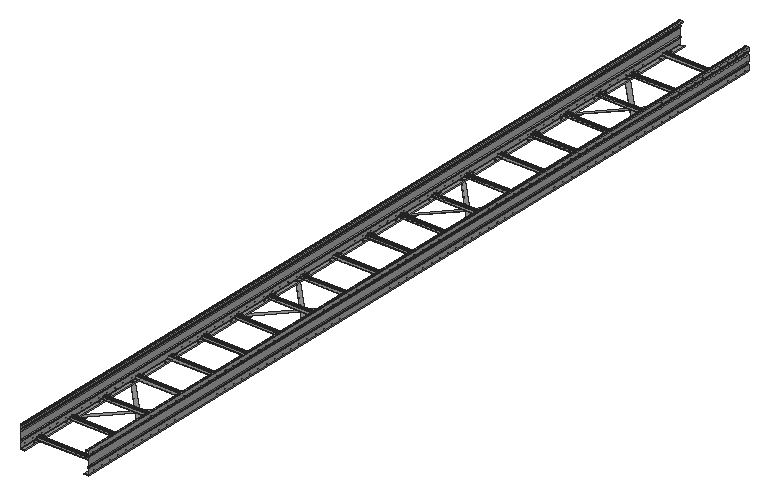
Revit family "Weitspannkabelleiter-WKLG 1650gelochter Seitenholm, FS,FT,FT SO,A4", category Generic Models, Revit 2017 (continued)
Forms (mm)
  Extrusion 261, void
    sketch origin (0, 1425, -120) x (0, 1, 0) y (0, 0, 1)
      loop
        arc (50, 143.999) -> (49.854, 144.352) -> (49.5, 144.499) r 0.5
        line (49.5, 144.499) -> (25.5, 144.499)
    from 248 to 250
  Extrusion 262, void
    sketch origin (0, 1500, -120) x (0, 1, 0) y (0, 0, 1)
      loop
        arc (25.5, 144.499) -> (25.146, 144.352) -> (25, 143.999) r 0.5
        line (25, 143.999) -> (25, 135.999)
        arc (25, 135.999) -> (25.146, 135.645) -> (25.5, 135.499) r 0.5
        line (25.5, 135.499) -> (49.5, 135.499)
        arc (49.5, 135.499) -> (49.854, 135.645) -> (50, 135.999) r 0.5
        line (50, 135.999) -> (50, 143.999)
        arc (50, 143.999) -> (49.854, 144.352) -> (49.5, 144.499) r 0.5
        line (49.5, 144.499) -> (25.5, 144.499)
    from 248 to 250
  Extrusion 263, void
    sketch origin (0, 1575, -120) x (0, 1, 0) y (0, 0, 1)
      loop
        arc (25.5, 144.499) -> (25.146, 144.352) -> (25, 143.999) r 0.5
        line (25, 143.999) -> (25, 135.999)
        arc (25, 135.999) -> (25.146, 135.645) -> (25.5, 135.499) r 0.5
        line (25.5, 135.499) -> (49.5, 135.499)
        arc (49.5, 135.499) -> (49.854, 135.645) -> (50, 135.999) r 0.5
        line (50, 135.999) -> (50, 143.999)
        arc (50, 143.999) -> (49.854, 144.352) -> (49.5, 144.499) r 0.5
        line (49.5, 144.499) -> (25.5, 144.499)
    from 248 to 250
  Extrusion 264, void
    sketch origin (0, 1650, -120) x (0, 1, 0) y (0, 0, 1)
      loop
        arc (25.5, 144.499) -> (25.146, 144.352) -> (25, 143.999) r 0.5
        line (25, 143.999) -> (25, 135.999)
        arc (25, 135.999) -> (25.146, 135.645) -> (25.5, 135.499) r 0.5
        line (25.5, 135.499) -> (49.5, 135.499)
        arc (49.5, 135.499) -> (49.854, 135.645) -> (50, 135.999) r 0.5
        line (50, 135.999) -> (50, 143.999)
        arc (50, 143.999) -> (49.854, 144.352) -> (49.5, 144.499) r 0.5
        line (49.5, 144.499) -> (25.5, 144.499)
    from 248 to 250
  Extrusion 265, void
    sketch origin (0, 1725, -120) x (0, 1, 0) y (0, 0, 1)
      loop
        arc (25.5, 144.499) -> (25.146, 144.352) -> (25, 143.999) r 0.5
        line (25, 143.999) -> (25, 135.999)
        arc (25, 135.999) -> (25.146, 135.645) -> (25.5, 135.499) r 0.5
        line (25.5, 135.499) -> (49.5, 135.499)
        arc (49.5, 135.499) -> (49.854, 135.645) -> (50, 135.999) r 0.5
        line (50, 135.999) -> (50, 143.999)
        arc (50, 143.999) -> (49.854, 144.352) -> (49.5, 144.499) r 0.5
        line (49.5, 144.499) -> (25.5, 144.499)
    from 248 to 250
  Extrusion 266, void
    sketch origin (0, 1800, -120) x (0, 1, 0) y (0, 0, 1)
      loop
        arc (25.5, 144.499) -> (25.146, 144.352) -> (25, 143.999) r 0.5
        line (25, 143.999) -> (25, 135.999)
        arc (25, 135.999) -> (25.146, 135.645) -> (25.5, 135.499) r 0.5
        line (25.5, 135.499) -> (49.5, 135.499)
        arc (49.5, 135.499) -> (49.854, 135.645) -> (50, 135.999) r 0.5
        line (50, 135.999) -> (50, 143.999)
        arc (50, 143.999) -> (49.854, 144.352) -> (49.5, 144.499) r 0.5
        line (49.5, 144.499) -> (25.5, 144.499)
    from 248 to 250
  Extrusion 267, void
    sketch origin (0, 1875, -120) x (0, 1, 0) y (0, 0, 1)
      loop
        arc (25.5, 144.499) -> (25.146, 144.352) -> (25, 143.999) r 0.5
        line (25, 143.999) -> (25, 135.999)
        arc (25, 135.999) -> (25.146, 135.645) -> (25.5, 135.499) r 0.5
        line (25.5, 135.499) -> (49.5, 135.499)
        arc (49.5, 135.499) -> (49.854, 135.645) -> (50, 135.999) r 0.5
        line (50, 135.999) -> (50, 143.999)
        arc (50, 143.999) -> (49.854, 144.352) -> (49.5, 144.499) r 0.5
        line (49.5, 144.499) -> (25.5, 144.499)
    from 248 to 250
  Extrusion 268, void
    sketch origin (0, 1950, -120) x (0, 1, 0) y (0, 0, 1)
      loop
        arc (25.5, 144.499) -> (25.146, 144.352) -> (25, 143.999) r 0.5
        line (25, 143.999) -> (25, 135.999)
        arc (25, 135.999) -> (25.146, 135.645) -> (25.5, 135.499) r 0.5
        line (25.5, 135.499) -> (49.5, 135.499)
        arc (49.5, 135.499) -> (49.854, 135.645) -> (50, 135.999) r 0.5
        line (50, 135.999) -> (50, 143.999)
        arc (50, 143.999) -> (49.854, 144.352) -> (49.5, 144.499) r 0.5
        line (49.5, 144.499) -> (25.5, 144.499)
    from 248 to 250
  Extrusion 269, void
    sketch origin (0, 2025, -120) x (0, 1, 0) y (0, 0, 1)
      loop
        arc (25.5, 144.499) -> (25.146, 144.352) -> (25, 143.999) r 0.5
        line (25, 143.999) -> (25, 135.999)
        arc (25, 135.999) -> (25.146, 135.645) -> (25.5, 135.499) r 0.5
        line (25.5, 135.499) -> (49.5, 135.499)
        arc (49.5, 135.499) -> (49.854, 135.645) -> (50, 135.999) r 0.5
        line (50, 135.999) -> (50, 143.999)
        arc (50, 143.999) -> (49.854, 144.352) -> (49.5, 144.499) r 0.5
        line (49.5, 144.499) -> (25.5, 144.499)
    from 248 to 250
  Extrusion 270, void
    sketch origin (0, 2100, -120) x (0, 1, 0) y (0, 0, 1)
      loop
        arc (25.5, 144.499) -> (25.146, 144.352) -> (25, 143.999) r 0.5
        line (25, 143.999) -> (25, 135.999)
        arc (25, 135.999) -> (25.146, 135.645) -> (25.5, 135.499) r 0.5
        line (25.5, 135.499) -> (49.5, 135.499)
        arc (49.5, 135.499) -> (49.854, 135.645) -> (50, 135.999) r 0.5
        line (50, 135.999) -> (50, 143.999)
        arc (50, 143.999) -> (49.854, 144.352) -> (49.5, 144.499) r 0.5
        line (49.5, 144.499) -> (25.5, 144.499)
    from 248 to 250
  Extrusion 271, void
    sketch origin (0, 2175, -120) x (0, 1, 0) y (0, 0, 1)
      loop
        arc (25.5, 144.499) -> (25.146, 144.352) -> (25, 143.999) r 0.5
        line (25, 143.999) -> (25, 135.999)
        arc (25, 135.999) -> (25.146, 135.645) -> (25.5, 135.499) r 0.5
        line (25.5, 135.499) -> (49.5, 135.499)
        arc (49.5, 135.499) -> (49.854, 135.645) -> (50, 135.999) r 0.5
        line (50, 135.999) -> (50, 143.999)
        arc (50, 143.999) -> (49.854, 144.352) -> (49.5, 144.499) r 0.5
        line (49.5, 144.499) -> (25.5, 144.499)
    from 248 to 250
  Extrusion 272, void
    sketch origin (0, 2250, -120) x (0, 1, 0) y (0, 0, 1)
      loop
        arc (25.5, 144.499) -> (25.146, 144.352) -> (25, 143.999) r 0.5
        line (25, 143.999) -> (25, 135.999)
        arc (25, 135.999) -> (25.146, 135.645) -> (25.5, 135.499) r 0.5
        line (25.5, 135.499) -> (49.5, 135.499)
        arc (49.5, 135.499) -> (49.854, 135.645) -> (50, 135.999) r 0.5
        line (50, 135.999) -> (50, 143.999)
        arc (50, 143.999) -> (49.854, 144.352) -> (49.5, 144.499) r 0.5
        line (49.5, 144.499) -> (25.5, 144.499)
    from 248 to 250
  Extrusion 273, void
    sketch origin (0, 2325, -120) x (0, 1, 0) y (0, 0, 1)
      loop
        arc (25.5, 144.499) -> (25.146, 144.352) -> (25, 143.999) r 0.5
        line (25, 143.999) -> (25, 135.999)
        arc (25, 135.999) -> (25.146, 135.645) -> (25.5, 135.499) r 0.5
        line (25.5, 135.499) -> (49.5, 135.499)
        arc (49.5, 135.499) -> (49.854, 135.645) -> (50, 135.999) r 0.5
        line (50, 135.999) -> (50, 143.999)
        arc (50, 143.999) -> (49.854, 144.352) -> (49.5, 144.499) r 0.5
        line (49.5, 144.499) -> (25.5, 144.499)
    from 248 to 250
  Extrusion 274, void
    sketch origin (0, 2400, -120) x (0, 1, 0) y (0, 0, 1)
      loop
        arc (25.5, 144.499) -> (25.146, 144.352) -> (25, 143.999) r 0.5
        line (25, 143.999) -> (25, 135.999)
        arc (25, 135.999) -> (25.146, 135.645) -> (25.5, 135.499) r 0.5
        line (25.5, 135.499) -> (49.5, 135.499)
        arc (49.5, 135.499) -> (49.854, 135.645) -> (50, 135.999) r 0.5
        line (50, 135.999) -> (50, 143.999)
        arc (50, 143.999) -> (49.854, 144.352) -> (49.5, 144.499) r 0.5
        line (49.5, 144.499) -> (25.5, 144.499)
    from 248 to 250
  Extrusion 275, void
    sketch origin (0, 2475, -120) x (0, 1, 0) y (0, 0, 1)
      loop
        arc (25.5, 144.499) -> (25.146, 144.352) -> (25, 143.999) r 0.5
        line (25, 143.999) -> (25, 135.999)
        arc (25, 135.999) -> (25.146, 135.645) -> (25.5, 135.499) r 0.5
        line (25.5, 135.499) -> (49.5, 135.499)
        arc (49.5, 135.499) -> (49.854, 135.645) -> (50, 135.999) r 0.5
        line (50, 135.999) -> (50, 143.999)
        arc (50, 143.999) -> (49.854, 144.352) -> (49.5, 144.499) r 0.5
        line (49.5, 144.499) -> (25.5, 144.499)
    from 248 to 250
  Extrusion 276, void
    sketch origin (0, 2550, -120) x (0, 1, 0) y (0, 0, 1)
      loop
        arc (25.5, 144.499) -> (25.146, 144.352) -> (25, 143.999) r 0.5
        line (25, 143.999) -> (25, 135.999)
        arc (25, 135.999) -> (25.146, 135.645) -> (25.5, 135.499) r 0.5
        line (25.5, 135.499) -> (49.5, 135.499)
        arc (49.5, 135.499) -> (49.854, 135.645) -> (50, 135.999) r 0.5
        line (50, 135.999) -> (50, 143.999)
        arc (50, 143.999) -> (49.854, 144.352) -> (49.5, 144.499) r 0.5
        line (49.5, 144.499) -> (25.5, 144.499)
    from 248 to 250
  Extrusion 277, void
    sketch origin (0, 2625, -120) x (0, 1, 0) y (0, 0, 1)
      loop
        arc (25.5, 144.499) -> (25.146, 144.352) -> (25, 143.999) r 0.5
        line (25, 143.999) -> (25, 135.999)
        arc (25, 135.999) -> (25.146, 135.645) -> (25.5, 135.499) r 0.5
        line (25.5, 135.499) -> (49.5, 135.499)
        arc (49.5, 135.499) -> (49.854, 135.645) -> (50, 135.999) r 0.5
        line (50, 135.999) -> (50, 143.999)
        arc (50, 143.999) -> (49.854, 144.352) -> (49.5, 144.499) r 0.5
        line (49.5, 144.499) -> (25.5, 144.499)
    from 248 to 250
  Extrusion 278, void
    sketch origin (0, 2700, -120) x (0, 1, 0) y (0, 0, 1)
      loop
        arc (25.5, 144.499) -> (25.146, 144.352) -> (25, 143.999) r 0.5
        line (25, 143.999) -> (25, 135.999)
        arc (25, 135.999) -> (25.146, 135.645) -> (25.5, 135.499) r 0.5
        line (25.5, 135.499) -> (49.5, 135.499)
        arc (49.5, 135.499) -> (49.854, 135.645) -> (50, 135.999) r 0.5
        line (50, 135.999) -> (50, 143.999)
        arc (50, 143.999) -> (49.854, 144.352) -> (49.5, 144.499) r 0.5
        line (49.5, 144.499) -> (25.5, 144.499)
    from 248 to 250
  Extrusion 279, void
    sketch origin (0, 2775, -120) x (0, 1, 0) y (0, 0, 1)
      loop
        arc (25.5, 144.499) -> (25.146, 144.352) -> (25, 143.999) r 0.5
        line (25, 143.999) -> (25, 135.999)
        arc (25, 135.999) -> (25.146, 135.645) -> (25.5, 135.499) r 0.5
        line (25.5, 135.499) -> (49.5, 135.499)
        arc (49.5, 135.499) -> (49.854, 135.645) -> (50, 135.999) r 0.5
        line (50, 135.999) -> (50, 143.999)
        arc (50, 143.999) -> (49.854, 144.352) -> (49.5, 144.499) r 0.5
        line (49.5, 144.499) -> (25.5, 144.499)
    from 248 to 250
  Extrusion 280, void
    sketch origin (0, 2850, -120) x (0, 1, 0) y (0, 0, 1)
      loop
        arc (25.5, 144.499) -> (25.146, 144.352) -> (25, 143.999) r 0.5
        line (25, 143.999) -> (25, 135.999)
        arc (25, 135.999) -> (25.146, 135.645) -> (25.5, 135.499) r 0.5
        line (25.5, 135.499) -> (49.5, 135.499)
        arc (49.5, 135.499) -> (49.854, 135.645) -> (50, 135.999) r 0.5
        line (50, 135.999) -> (50, 143.999)
        arc (50, 143.999) -> (49.854, 144.352) -> (49.5, 144.499) r 0.5
        line (49.5, 144.499) -> (25.5, 144.499)
    from 248 to 250
  Extrusion 281, void
    sketch origin (0, 2925, -120) x (0, 1, 0) y (0, 0, 1)
      loop
        arc (25.5, 144.499) -> (25.146, 144.352) -> (25, 143.999) r 0.5
        line (25, 143.999) -> (25, 135.999)
        arc (25, 135.999) -> (25.146, 135.645) -> (25.5, 135.499) r 0.5
        line (25.5, 135.499) -> (49.5, 135.499)
        arc (49.5, 135.499) -> (49.854, 135.645) -> (50, 135.999) r 0.5
        line (50, 135.999) -> (50, 143.999)
        arc (50, 143.999) -> (49.854, 144.352) -> (49.5, 144.499) r 0.5
        line (49.5, 144.499) -> (25.5, 144.499)
    from 248 to 250
  Extrusion 282, void
    sketch origin (0, 3000, -120) x (0, 1, 0) y (0, 0, 1)
      loop
        arc (25.5, 144.499) -> (25.146, 144.352) -> (25, 143.999) r 0.5
        line (25, 143.999) -> (25, 135.999)
        arc (25, 135.999) -> (25.146, 135.645) -> (25.5, 135.499) r 0.5
        line (25.5, 135.499) -> (49.5, 135.499)
        arc (49.5, 135.499) -> (49.854, 135.645) -> (50, 135.999) r 0.5
        line (50, 135.999) -> (50, 143.999)
        arc (50, 143.999) -> (49.854, 144.352) -> (49.5, 144.499) r 0.5
        line (49.5, 144.499) -> (25.5, 144.499)
    from 248 to 250
  Extrusion 283, void
    sketch origin (0, 3075, -120) x (0, 1, 0) y (0, 0, 1)
      loop
        arc (25.5, 144.499) -> (25.146, 144.352) -> (25, 143.999) r 0.5
        line (25, 143.999) -> (25, 135.999)
        arc (25, 135.999) -> (25.146, 135.645) -> (25.5, 135.499) r 0.5
        line (25.5, 135.499) -> (49.5, 135.499)
        arc (49.5, 135.499) -> (49.854, 135.645) -> (50, 135.999) r 0.5
        line (50, 135.999) -> (50, 143.999)
        arc (50, 143.999) -> (49.854, 144.352) -> (49.5, 144.499) r 0.5
        line (49.5, 144.499) -> (25.5, 144.499)
    from 248 to 250
  Extrusion 284, void
    sketch origin (0, 3150, -120) x (0, 1, 0) y (0, 0, 1)
      loop
        arc (25.5, 144.499) -> (25.146, 144.352) -> (25, 143.999) r 0.5
        line (25, 143.999) -> (25, 135.999)
        arc (25, 135.999) -> (25.146, 135.645) -> (25.5, 135.499) r 0.5
        line (25.5, 135.499) -> (49.5, 135.499)
        arc (49.5, 135.499) -> (49.854, 135.645) -> (50, 135.999) r 0.5
        line (50, 135.999) -> (50, 143.999)
        arc (50, 143.999) -> (49.854, 144.352) -> (49.5, 144.499) r 0.5
        line (49.5, 144.499) -> (25.5, 144.499)
    from 248 to 250
  Extrusion 285, void
    sketch origin (0, 3225, -120) x (0, 1, 0) y (0, 0, 1)
      loop
        arc (25.5, 144.499) -> (25.146, 144.352) -> (25, 143.999) r 0.5
        line (25, 143.999) -> (25, 135.999)
        arc (25, 135.999) -> (25.146, 135.645) -> (25.5, 135.499) r 0.5
        line (25.5, 135.499) -> (49.5, 135.499)
        arc (49.5, 135.499) -> (49.854, 135.645) -> (50, 135.999) r 0.5
        line (50, 135.999) -> (50, 143.999)
        arc (50, 143.999) -> (49.854, 144.352) -> (49.5, 144.499) r 0.5
        line (49.5, 144.499) -> (25.5, 144.499)
    from 248 to 250
  Extrusion 286, void
    sketch origin (0, 3300, -120) x (0, 1, 0) y (0, 0, 1)
      loop
        arc (25.5, 144.499) -> (25.146, 144.352) -> (25, 143.999) r 0.5
        line (25, 143.999) -> (25, 135.999)
        arc (25, 135.999) -> (25.146, 135.645) -> (25.5, 135.499) r 0.5
        line (25.5, 135.499) -> (49.5, 135.499)
        arc (49.5, 135.499) -> (49.854, 135.645) -> (50, 135.999) r 0.5
        line (50, 135.999) -> (50, 143.999)
        arc (50, 143.999) -> (49.854, 144.352) -> (49.5, 144.499) r 0.5
        line (49.5, 144.499) -> (25.5, 144.499)
    from 248 to 250
  Extrusion 287, void
    sketch origin (0, 3375, -120) x (0, 1, 0) y (0, 0, 1)
      loop
        arc (25.5, 144.499) -> (25.146, 144.352) -> (25, 143.999) r 0.5
        line (25, 143.999) -> (25, 135.999)
        arc (25, 135.999) -> (25.146, 135.645) -> (25.5, 135.499) r 0.5
        line (25.5, 135.499) -> (49.5, 135.499)
        arc (49.5, 135.499) -> (49.854, 135.645) -> (50, 135.999) r 0.5
        line (50, 135.999) -> (50, 143.999)
        arc (50, 143.999) -> (49.854, 144.352) -> (49.5, 144.499) r 0.5
        line (49.5, 144.499) -> (25.5, 144.499)
    from 248 to 250
  Extrusion 288, void
    sketch origin (0, 3450, -120) x (0, 1, 0) y (0, 0, 1)
      loop
        arc (25.5, 144.499) -> (25.146, 144.352) -> (25, 143.999) r 0.5
        line (25, 143.999) -> (25, 135.999)
        arc (25, 135.999) -> (25.146, 135.645) -> (25.5, 135.499) r 0.5
        line (25.5, 135.499) -> (49.5, 135.499)
        arc (49.5, 135.499) -> (49.854, 135.645) -> (50, 135.999) r 0.5
        line (50, 135.999) -> (50, 143.999)
        arc (50, 143.999) -> (49.854, 144.352) -> (49.5, 144.499) r 0.5
        line (49.5, 144.499) -> (25.5, 144.499)
    from 248 to 250
  Extrusion 289, void
    sketch origin (0, 3525, -120) x (0, 1, 0) y (0, 0, 1)
      loop
        arc (25.5, 144.499) -> (25.146, 144.352) -> (25, 143.999) r 0.5
        line (25, 143.999) -> (25, 135.999)
        arc (25, 135.999) -> (25.146, 135.645) -> (25.5, 135.499) r 0.5
        line (25.5, 135.499) -> (49.5, 135.499)
        arc (49.5, 135.499) -> (49.854, 135.645) -> (50, 135.999) r 0.5
        line (50, 135.999) -> (50, 143.999)
        arc (50, 143.999) -> (49.854, 144.352) -> (49.5, 144.499) r 0.5
        line (49.5, 144.499) -> (25.5, 144.499)
    from 248 to 250
  Extrusion 290, void
    sketch origin (0, 3600, -120) x (0, 1, 0) y (0, 0, 1)
      loop
        arc (25.5, 144.499) -> (25.146, 144.352) -> (25, 143.999) r 0.5
        line (25, 143.999) -> (25, 135.999)
        arc (25, 135.999) -> (25.146, 135.645) -> (25.5, 135.499) r 0.5
        line (25.5, 135.499) -> (49.5, 135.499)
        arc (49.5, 135.499) -> (49.854, 135.645) -> (50, 135.999) r 0.5
        line (50, 135.999) -> (50, 143.999)
        arc (50, 143.999) -> (49.854, 144.352) -> (49.5, 144.499) r 0.5
        line (49.5, 144.499) -> (25.5, 144.499)
    from 248 to 250
  Extrusion 291, void
    sketch origin (0, 3675, -120) x (0, 1, 0) y (0, 0, 1)
      loop
        arc (25.5, 144.499) -> (25.146, 144.352) -> (25, 143.999) r 0.5
        line (25, 143.999) -> (25, 135.999)
        arc (25, 135.999) -> (25.146, 135.645) -> (25.5, 135.499) r 0.5
        line (25.5, 135.499) -> (49.5, 135.499)
        arc (49.5, 135.499) -> (49.854, 135.645) -> (50, 135.999) r 0.5
        line (50, 135.999) -> (50, 143.999)
        arc (50, 143.999) -> (49.854, 144.352) -> (49.5, 144.499) r 0.5
        line (49.5, 144.499) -> (25.5, 144.499)
    from 248 to 250
  Extrusion 292, void
    sketch origin (0, 3750, -120) x (0, 1, 0) y (0, 0, 1)
      loop
        arc (25.5, 144.499) -> (25.146, 144.352) -> (25, 143.999) r 0.5
        line (25, 143.999) -> (25, 135.999)
        arc (25, 135.999) -> (25.146, 135.645) -> (25.5, 135.499) r 0.5
        line (25.5, 135.499) -> (49.5, 135.499)
        arc (49.5, 135.499) -> (49.854, 135.645) -> (50, 135.999) r 0.5
        line (50, 135.999) -> (50, 143.999)
        arc (50, 143.999) -> (49.854, 144.352) -> (49.5, 144.499) r 0.5
        line (49.5, 144.499) -> (25.5, 144.499)
    from 248 to 250
  Extrusion 293, void
    sketch origin (0, 3825, -120) x (0, 1, 0) y (0, 0, 1)
      loop
        arc (25.5, 144.499) -> (25.146, 144.352) -> (25, 143.999) r 0.5
        line (25, 143.999) -> (25, 135.999)
        arc (25, 135.999) -> (25.146, 135.645) -> (25.5, 135.499) r 0.5
        line (25.5, 135.499) -> (49.5, 135.499)
        arc (49.5, 135.499) -> (49.854, 135.645) -> (50, 135.999) r 0.5
        line (50, 135.999) -> (50, 143.999)
        arc (50, 143.999) -> (49.854, 144.352) -> (49.5, 144.499) r 0.5
        line (49.5, 144.499) -> (25.5, 144.499)
    from 248 to 250
  Extrusion 294, void
    sketch origin (0, 3900, -120) x (0, 1, 0) y (0, 0, 1)
      loop
        arc (25.5, 144.499) -> (25.146, 144.352) -> (25, 143.999) r 0.5
        line (25, 143.999) -> (25, 135.999)
        arc (25, 135.999) -> (25.146, 135.645) -> (25.5, 135.499) r 0.5
        line (25.5, 135.499) -> (49.5, 135.499)
        arc (49.5, 135.499) -> (49.854, 135.645) -> (50, 135.999) r 0.5
        line (50, 135.999) -> (50, 143.999)
        arc (50, 143.999) -> (49.854, 144.352) -> (49.5, 144.499) r 0.5
        line (49.5, 144.499) -> (25.5, 144.499)
    from 248 to 250
  Extrusion 295, void
    sketch origin (0, 3975, -120) x (0, 1, 0) y (0, 0, 1)
      loop
        arc (25.5, 144.499) -> (25.146, 144.352) -> (25, 143.999) r 0.5
        line (25, 143.999) -> (25, 135.999)
        arc (25, 135.999) -> (25.146, 135.645) -> (25.5, 135.499) r 0.5
        line (25.5, 135.499) -> (49.5, 135.499)
        arc (49.5, 135.499) -> (49.854, 135.645) -> (50, 135.999) r 0.5
        line (50, 135.999) -> (50, 143.999)
        arc (50, 143.999) -> (49.854, 144.352) -> (49.5, 144.499) r 0.5
        line (49.5, 144.499) -> (25.5, 144.499)
    from 248 to 250
  Extrusion 296, void
    sketch origin (0, 4050, -120) x (0, 1, 0) y (0, 0, 1)
      loop
        arc (25.5, 144.499) -> (25.146, 144.352) -> (25, 143.999) r 0.5
        line (25, 143.999) -> (25, 135.999)
        arc (25, 135.999) -> (25.146, 135.645) -> (25.5, 135.499) r 0.5
        line (25.5, 135.499) -> (49.5, 135.499)
        arc (49.5, 135.499) -> (49.854, 135.645) -> (50, 135.999) r 0.5
        line (50, 135.999) -> (50, 143.999)
        arc (50, 143.999) -> (49.854, 144.352) -> (49.5, 144.499) r 0.5
        line (49.5, 144.499) -> (25.5, 144.499)
    from 248 to 250
  Extrusion 297, void
    sketch origin (0, 4125, -120) x (0, 1, 0) y (0, 0, 1)
      loop
        arc (25.5, 144.499) -> (25.146, 144.352) -> (25, 143.999) r 0.5
        line (25, 143.999) -> (25, 135.999)
        arc (25, 135.999) -> (25.146, 135.645) -> (25.5, 135.499) r 0.5
        line (25.5, 135.499) -> (49.5, 135.499)
        arc (49.5, 135.499) -> (49.854, 135.645) -> (50, 135.999) r 0.5
        line (50, 135.999) -> (50, 143.999)
        arc (50, 143.999) -> (49.854, 144.352) -> (49.5, 144.499) r 0.5
        line (49.5, 144.499) -> (25.5, 144.499)
    from 248 to 250
  Extrusion 298, void
    sketch origin (0, 4200, -120) x (0, 1, 0) y (0, 0, 1)
      loop
        arc (25.5, 144.499) -> (25.146, 144.352) -> (25, 143.999) r 0.5
        line (25, 143.999) -> (25, 135.999)
        arc (25, 135.999) -> (25.146, 135.645) -> (25.5, 135.499) r 0.5
        line (25.5, 135.499) -> (49.5, 135.499)
        arc (49.5, 135.499) -> (49.854, 135.645) -> (50, 135.999) r 0.5
        line (50, 135.999) -> (50, 143.999)
        arc (50, 143.999) -> (49.854, 144.352) -> (49.5, 144.499) r 0.5
        line (49.5, 144.499) -> (25.5, 144.499)
    from 248 to 250
  Extrusion 299, void
    sketch origin (0, 4275, -120) x (0, 1, 0) y (0, 0, 1)
      loop
        arc (25.5, 144.499) -> (25.146, 144.352) -> (25, 143.999) r 0.5
        line (25, 143.999) -> (25, 135.999)
        arc (25, 135.999) -> (25.146, 135.645) -> (25.5, 135.499) r 0.5
        line (25.5, 135.499) -> (49.5, 135.499)
        arc (49.5, 135.499) -> (49.854, 135.645) -> (50, 135.999) r 0.5
        line (50, 135.999) -> (50, 143.999)
        arc (50, 143.999) -> (49.854, 144.352) -> (49.5, 144.499) r 0.5
        line (49.5, 144.499) -> (25.5, 144.499)
    from 248 to 250
  Extrusion 300, void
    sketch origin (0, 4350, -120) x (0, 1, 0) y (0, 0, 1)
      loop
        arc (25.5, 144.499) -> (25.146, 144.352) -> (25, 143.999) r 0.5
        line (25, 143.999) -> (25, 135.999)
        arc (25, 135.999) -> (25.146, 135.645) -> (25.5, 135.499) r 0.5
        line (25.5, 135.499) -> (49.5, 135.499)
        arc (49.5, 135.499) -> (49.854, 135.645) -> (50, 135.999) r 0.5
        line (50, 135.999) -> (50, 143.999)
        arc (50, 143.999) -> (49.854, 144.352) -> (49.5, 144.499) r 0.5
        line (49.5, 144.499) -> (25.5, 144.499)
    from 248 to 250
  Extrusion 301, void
    sketch origin (0, 4425, -120) x (0, 1, 0) y (0, 0, 1)
      loop
        arc (25.5, 144.499) -> (25.146, 144.352) -> (25, 143.999) r 0.5
        line (25, 143.999) -> (25, 135.999)
        arc (25, 135.999) -> (25.146, 135.645) -> (25.5, 135.499) r 0.5
        line (25.5, 135.499) -> (49.5, 135.499)
        arc (49.5, 135.499) -> (49.854, 135.645) -> (50, 135.999) r 0.5
        line (50, 135.999) -> (50, 143.999)
        arc (50, 143.999) -> (49.854, 144.352) -> (49.5, 144.499) r 0.5
        line (49.5, 144.499) -> (25.5, 144.499)
    from 248 to 250
  Extrusion 302, void
    sketch origin (0, 4500, -120) x (0, 1, 0) y (0, 0, 1)
      loop
        arc (25.5, 144.499) -> (25.146, 144.352) -> (25, 143.999) r 0.5
        line (25, 143.999) -> (25, 135.999)
        arc (25, 135.999) -> (25.146, 135.645) -> (25.5, 135.499) r 0.5
        line (25.5, 135.499) -> (49.5, 135.499)
        arc (49.5, 135.499) -> (49.854, 135.645) -> (50, 135.999) r 0.5
        line (50, 135.999) -> (50, 143.999)
        arc (50, 143.999) -> (49.854, 144.352) -> (49.5, 144.499) r 0.5
        line (49.5, 144.499) -> (25.5, 144.499)
    from 248 to 250
  Extrusion 303, void
    sketch origin (0, 4575, -120) x (0, 1, 0) y (0, 0, 1)
      loop
        arc (25.5, 144.499) -> (25.146, 144.352) -> (25, 143.999) r 0.5
        line (25, 143.999) -> (25, 135.999)
        arc (25, 135.999) -> (25.146, 135.645) -> (25.5, 135.499) r 0.5
        line (25.5, 135.499) -> (49.5, 135.499)
        arc (49.5, 135.499) -> (49.854, 135.645) -> (50, 135.999) r 0.5
        line (50, 135.999) -> (50, 143.999)
        arc (50, 143.999) -> (49.854, 144.352) -> (49.5, 144.499) r 0.5
        line (49.5, 144.499) -> (25.5, 144.499)
    from 248 to 250
  Extrusion 304, void
    sketch origin (0, 4650, -120) x (0, 1, 0) y (0, 0, 1)
      loop
        arc (25.5, 144.499) -> (25.146, 144.352) -> (25, 143.999) r 0.5
        line (25, 143.999) -> (25, 135.999)
        arc (25, 135.999) -> (25.146, 135.645) -> (25.5, 135.499) r 0.5
        line (25.5, 135.499) -> (49.5, 135.499)
        arc (49.5, 135.499) -> (49.854, 135.645) -> (50, 135.999) r 0.5
        line (50, 135.999) -> (50, 143.999)
        arc (50, 143.999) -> (49.854, 144.352) -> (49.5, 144.499) r 0.5
        line (49.5, 144.499) -> (25.5, 144.499)
    from 248 to 250
  Extrusion 305, void
    sketch origin (0, 4725, -120) x (0, 1, 0) y (0, 0, 1)
      loop
        arc (25.5, 144.499) -> (25.146, 144.352) -> (25, 143.999) r 0.5
        line (25, 143.999) -> (25, 135.999)
        arc (25, 135.999) -> (25.146, 135.645) -> (25.5, 135.499) r 0.5
        line (25.5, 135.499) -> (49.5, 135.499)
        arc (49.5, 135.499) -> (49.854, 135.645) -> (50, 135.999) r 0.5
        line (50, 135.999) -> (50, 143.999)
        arc (50, 143.999) -> (49.854, 144.352) -> (49.5, 144.499) r 0.5
        line (49.5, 144.499) -> (25.5, 144.499)
    from 248 to 250
  Extrusion 306, void
    sketch origin (0, 4800, -120) x (0, 1, 0) y (0, 0, 1)
      loop
        arc (25.5, 144.499) -> (25.146, 144.352) -> (25, 143.999) r 0.5
        line (25, 143.999) -> (25, 135.999)
        arc (25, 135.999) -> (25.146, 135.645) -> (25.5, 135.499) r 0.5
        line (25.5, 135.499) -> (49.5, 135.499)
        arc (49.5, 135.499) -> (49.854, 135.645) -> (50, 135.999) r 0.5
        line (50, 135.999) -> (50, 143.999)
        arc (50, 143.999) -> (49.854, 144.352) -> (49.5, 144.499) r 0.5
        line (49.5, 144.499) -> (25.5, 144.499)
    from 248 to 250
  Extrusion 307, void
    sketch origin (0, 4875, -120) x (0, 1, 0) y (0, 0, 1)
      loop
        arc (25.5, 144.499) -> (25.146, 144.352) -> (25, 143.999) r 0.5
        line (25, 143.999) -> (25, 135.999)
        arc (25, 135.999) -> (25.146, 135.645) -> (25.5, 135.499) r 0.5
        line (25.5, 135.499) -> (49.5, 135.499)
        arc (49.5, 135.499) -> (49.854, 135.645) -> (50, 135.999) r 0.5
        line (50, 135.999) -> (50, 143.999)
        arc (50, 143.999) -> (49.854, 144.352) -> (49.5, 144.499) r 0.5
        line (49.5, 144.499) -> (25.5, 144.499)
    from 248 to 250
  Extrusion 308, void
    sketch origin (0, 4950, -120) x (0, 1, 0) y (0, 0, 1)
      loop
        arc (25.5, 144.499) -> (25.146, 144.352) -> (25, 143.999) r 0.5
        line (25, 143.999) -> (25, 135.999)
        arc (25, 135.999) -> (25.146, 135.645) -> (25.5, 135.499) r 0.5
        line (25.5, 135.499) -> (49.5, 135.499)
        arc (49.5, 135.499) -> (49.854, 135.645) -> (50, 135.999) r 0.5
        line (50, 135.999) -> (50, 143.999)
        arc (50, 143.999) -> (49.854, 144.352) -> (49.5, 144.499) r 0.5
        line (49.5, 144.499) -> (25.5, 144.499)
    from 248 to 250
  Extrusion 309, void
    sketch origin (0, 5025, -120) x (0, 1, 0) y (0, 0, 1)
      loop
        arc (25.5, 144.499) -> (25.146, 144.352) -> (25, 143.999) r 0.5
        line (25, 143.999) -> (25, 135.999)
        arc (25, 135.999) -> (25.146, 135.645) -> (25.5, 135.499) r 0.5
        line (25.5, 135.499) -> (49.5, 135.499)
        arc (49.5, 135.499) -> (49.854, 135.645) -> (50, 135.999) r 0.5
        line (50, 135.999) -> (50, 143.999)
        arc (50, 143.999) -> (49.854, 144.352) -> (49.5, 144.499) r 0.5
        line (49.5, 144.499) -> (25.5, 144.499)
    from 248 to 250
  Extrusion 310, void
    sketch origin (0, 5100, -120) x (0, 1, 0) y (0, 0, 1)
      loop
        arc (25.5, 144.499) -> (25.146, 144.352) -> (25, 143.999) r 0.5
        line (25, 143.999) -> (25, 135.999)
        arc (25, 135.999) -> (25.146, 135.645) -> (25.5, 135.499) r 0.5
        line (25.5, 135.499) -> (49.5, 135.499)
        arc (49.5, 135.499) -> (49.854, 135.645) -> (50, 135.999) r 0.5
        line (50, 135.999) -> (50, 143.999)
        arc (50, 143.999) -> (49.854, 144.352) -> (49.5, 144.499) r 0.5
        line (49.5, 144.499) -> (25.5, 144.499)
    from 248 to 250
  Extrusion 311, void
    sketch origin (0, 5175, -120) x (0, 1, 0) y (0, 0, 1)
      loop
        arc (25.5, 144.499) -> (25.146, 144.352) -> (25, 143.999) r 0.5
        line (25, 143.999) -> (25, 135.999)
        arc (25, 135.999) -> (25.146, 135.645) -> (25.5, 135.499) r 0.5
        line (25.5, 135.499) -> (49.5, 135.499)
        arc (49.5, 135.499) -> (49.854, 135.645) -> (50, 135.999) r 0.5
        line (50, 135.999) -> (50, 143.999)
        arc (50, 143.999) -> (49.854, 144.352) -> (49.5, 144.499) r 0.5
        line (49.5, 144.499) -> (25.5, 144.499)
    from 248 to 250
  Extrusion 312, void
    sketch origin (0, 5250, -120) x (0, 1, 0) y (0, 0, 1)
      loop
        arc (25.5, 144.499) -> (25.146, 144.352) -> (25, 143.999) r 0.5
        line (25, 143.999) -> (25, 135.999)
        arc (25, 135.999) -> (25.146, 135.645) -> (25.5, 135.499) r 0.5
        line (25.5, 135.499) -> (49.5, 135.499)
        arc (49.5, 135.499) -> (49.854, 135.645) -> (50, 135.999) r 0.5
        line (50, 135.999) -> (50, 143.999)
        arc (50, 143.999) -> (49.854, 144.352) -> (49.5, 144.499) r 0.5
        line (49.5, 144.499) -> (25.5, 144.499)
    from 248 to 250
  Extrusion 313, void
    sketch origin (0, 5325, -120) x (0, 1, 0) y (0, 0, 1)
      loop
        arc (25.5, 144.499) -> (25.146, 144.352) -> (25, 143.999) r 0.5
        line (25, 143.999) -> (25, 135.999)
        arc (25, 135.999) -> (25.146, 135.645) -> (25.5, 135.499) r 0.5
        line (25.5, 135.499) -> (49.5, 135.499)
        arc (49.5, 135.499) -> (49.854, 135.645) -> (50, 135.999) r 0.5
        line (50, 135.999) -> (50, 143.999)
        arc (50, 143.999) -> (49.854, 144.352) -> (49.5, 144.499) r 0.5
        line (49.5, 144.499) -> (25.5, 144.499)
    from 248 to 250
  Extrusion 314, void
    sketch origin (0, 5400, -120) x (0, 1, 0) y (0, 0, 1)
      loop
        arc (25.5, 144.499) -> (25.146, 144.352) -> (25, 143.999) r 0.5
        line (25, 143.999) -> (25, 135.999)
        arc (25, 135.999) -> (25.146, 135.645) -> (25.5, 135.499) r 0.5
        line (25.5, 135.499) -> (49.5, 135.499)
        arc (49.5, 135.499) -> (49.854, 135.645) -> (50, 135.999) r 0.5
        line (50, 135.999) -> (50, 143.999)
        arc (50, 143.999) -> (49.854, 144.352) -> (49.5, 144.499) r 0.5
        line (49.5, 144.499) -> (25.5, 144.499)
    from 248 to 250
  Extrusion 315, void
    sketch origin (0, 5475, -120) x (0, 1, 0) y (0, 0, 1)
      loop
        arc (25.5, 144.499) -> (25.146, 144.352) -> (25, 143.999) r 0.5
        line (25, 143.999) -> (25, 135.999)
        arc (25, 135.999) -> (25.146, 135.645) -> (25.5, 135.499) r 0.5
        line (25.5, 135.499) -> (49.5, 135.499)
        arc (49.5, 135.499) -> (49.854, 135.645) -> (50, 135.999) r 0.5
        line (50, 135.999) -> (50, 143.999)
        arc (50, 143.999) -> (49.854, 144.352) -> (49.5, 144.499) r 0.5
        line (49.5, 144.499) -> (25.5, 144.499)
    from 248 to 250
  Extrusion 316, void
    sketch origin (0, 5550, -120) x (0, 1, 0) y (0, 0, 1)
      loop
        arc (25.5, 144.499) -> (25.146, 144.352) -> (25, 143.999) r 0.5
        line (25, 143.999) -> (25, 135.999)
        arc (25, 135.999) -> (25.146, 135.645) -> (25.5, 135.499) r 0.5
        line (25.5, 135.499) -> (49.5, 135.499)
        arc (49.5, 135.499) -> (49.854, 135.645) -> (50, 135.999) r 0.5
        line (50, 135.999) -> (50, 143.999)
        arc (50, 143.999) -> (49.854, 144.352) -> (49.5, 144.499) r 0.5
        line (49.5, 144.499) -> (25.5, 144.499)
    from 248 to 250
  Extrusion 317, void
    sketch origin (0, 5625, -120) x (0, 1, 0) y (0, 0, 1)
      loop
        arc (25.5, 144.499) -> (25.146, 144.352) -> (25, 143.999) r 0.5
        line (25, 143.999) -> (25, 135.999)
        arc (25, 135.999) -> (25.146, 135.645) -> (25.5, 135.499) r 0.5
        line (25.5, 135.499) -> (49.5, 135.499)
        arc (49.5, 135.499) -> (49.854, 135.645) -> (50, 135.999) r 0.5
        line (50, 135.999) -> (50, 143.999)
        arc (50, 143.999) -> (49.854, 144.352) -> (49.5, 144.499) r 0.5
        line (49.5, 144.499) -> (25.5, 144.499)
    from 248 to 250
  Extrusion 318, void
    sketch origin (0, 5700, -120) x (0, 1, 0) y (0, 0, 1)
      loop
        arc (25.5, 144.499) -> (25.146, 144.352) -> (25, 143.999) r 0.5
        line (25, 143.999) -> (25, 135.999)
        arc (25, 135.999) -> (25.146, 135.645) -> (25.5, 135.499) r 0.5
        line (25.5, 135.499) -> (49.5, 135.499)
        arc (49.5, 135.499) -> (49.854, 135.645) -> (50, 135.999) r 0.5
        line (50, 135.999) -> (50, 143.999)
        arc (50, 143.999) -> (49.854, 144.352) -> (49.5, 144.499) r 0.5
        line (49.5, 144.499) -> (25.5, 144.499)
    from 248 to 250
  Extrusion 319, void
    sketch origin (0, 5775, -120) x (0, 1, 0) y (0, 0, 1)
      loop
        arc (25.5, 144.499) -> (25.146, 144.352) -> (25, 143.999) r 0.5
        line (25, 143.999) -> (25, 135.999)
        arc (25, 135.999) -> (25.146, 135.645) -> (25.5, 135.499) r 0.5
        line (25.5, 135.499) -> (49.5, 135.499)
        arc (49.5, 135.499) -> (49.854, 135.645) -> (50, 135.999) r 0.5
        line (50, 135.999) -> (50, 143.999)
        arc (50, 143.999) -> (49.854, 144.352) -> (49.5, 144.499) r 0.5
        line (49.5, 144.499) -> (25.5, 144.499)
    from 248 to 250
  Extrusion 320, void
    sketch origin (0, 5850, -120) x (0, 1, 0) y (0, 0, 1)
      loop
        arc (25.5, 144.499) -> (25.146, 144.352) -> (25, 143.999) r 0.5
        line (25, 143.999) -> (25, 135.999)
        arc (25, 135.999) -> (25.146, 135.645) -> (25.5, 135.499) r 0.5
        line (25.5, 135.499) -> (49.5, 135.499)
        arc (49.5, 135.499) -> (49.854, 135.645) -> (50, 135.999) r 0.5
        line (50, 135.999) -> (50, 143.999)
        arc (50, 143.999) -> (49.854, 144.352) -> (49.5, 144.499) r 0.5
        line (49.5, 144.499) -> (25.5, 144.499)
    from 248 to 250
  Extrusion 321, void
    sketch origin (0, 5925, -120) x (0, 1, 0) y (0, 0, 1)
      loop
        arc (25.5, 144.499) -> (25.146, 144.352) -> (25, 143.999) r 0.5
        line (25, 143.999) -> (25, 135.999)
        arc (25, 135.999) -> (25.146, 135.645) -> (25.5, 135.499) r 0.5
        line (25.5, 135.499) -> (49.5, 135.499)
        arc (49.5, 135.499) -> (49.854, 135.645) -> (50, 135.999) r 0.5
        line (50, 135.999) -> (50, 143.999)
        arc (50, 143.999) -> (49.854, 144.352) -> (49.5, 144.499) r 0.5
        line (49.5, 144.499) -> (25.5, 144.499)
    from 248 to 250
  Extrusion 322, solid, material "Hot-dip galvanised" <- "Material"
    sketch origin (0, 0, 0) x (0, 1, 0) y (0, 0, 1)
      loop
        arc (137.702, 17.841) -> (137.073, 17.619) -> (136.724, 17.05) r 1
        line (136.724, 17.05) -> (133.772, 3.209)
        arc (133.772, 3.209) -> (133.973, 2.371) -> (134.75, 2) r 1
        line (134.75, 2) -> (167.213, 2)
        arc (167.213, 2) -> (167.99, 2.371) -> (168.191, 3.209) r 1
        line (168.191, 3.209) -> (165.239, 17.05)
        arc (165.239, 17.05) -> (164.89, 17.619) -> (164.261, 17.841) r 1
        line (164.261, 17.841) -> (159.501, 17.841) -> (159.501, 16.341) -> (163.047, 16.341)
        arc (163.047, 16.341) -> (163.676, 16.119) -> (164.025, 15.55) r 1
        line (164.025, 15.55) -> (166.337, 4.709)
        arc (166.337, 4.709) -> (166.136, 3.871) -> (165.359, 3.5) r 1
        line (165.359, 3.5) -> (136.604, 3.5)
        arc (136.604, 3.5) -> (135.827, 3.871) -> (135.626, 4.709) r 1
        line (135.626, 4.709) -> (137.938, 15.55)
        arc (137.938, 15.55) -> (138.287, 16.119) -> (138.916, 16.341) r 1
        line (138.916, 16.341) -> (142.951, 16.341) -> (142.951, 17.841) -> (137.702, 17.841)
    from -248 to 248
  Extrusion 323, void
    sketch origin (0, 0, 0) x (1, 0, 0) y (0, 1, 0)
      loop
        circle (-232, 100.088) r 2.5
    from 0 to 2
  Extrusion 324, void
    sketch origin (0, 300, 0) x (1, 0, 0) y (0, 1, 0)
      loop
        circle (-232, 100.088) r 2.5
    from 0 to 2
  Extrusion 325, void
    sketch origin (0, 600, 0) x (1, 0, 0) y (0, 1, 0)
      loop
        circle (-232, 100.088) r 2.5
    from 0 to 2
  Extrusion 326, void
    sketch origin (0, 900, 0) x (1, 0, 0) y (0, 1, 0)
      loop
        circle (-232, 100.088) r 2.5
    from 0 to 2
  Extrusion 327, void
    sketch origin (0, 1200, 0) x (1, 0, 0) y (0, 1, 0)
      loop
        circle (-232, 100.088) r 2.5
    from 0 to 2
  Extrusion 328, void
    sketch origin (0, 1500, 0) x (1, 0, 0) y (0, 1, 0)
      loop
        circle (-232, 100.088) r 2.5
    from 0 to 2
  Extrusion 329, void
    sketch origin (0, 1800, 0) x (1, 0, 0) y (0, 1, 0)
      loop
        circle (-232, 100.088) r 2.5
    from 0 to 2
  Extrusion 330, void
    sketch origin (0, 2100, 0) x (1, 0, 0) y (0, 1, 0)
      loop
        circle (-232, 100.088) r 2.5
    from 0 to 2
  Extrusion 331, void
    sketch origin (0, 2400, 0) x (1, 0, 0) y (0, 1, 0)
      loop
        circle (-232, 100.088) r 2.5
    from 0 to 2
  Extrusion 332, void
    sketch origin (0, 2700, 0) x (1, 0, 0) y (0, 1, 0)
      loop
        circle (-232, 100.088) r 2.5
    from 0 to 2
  Extrusion 333, void
    sketch origin (0, 3000, 0) x (1, 0, 0) y (0, 1, 0)
      loop
        circle (-232, 100.088) r 2.5
    from 0 to 2
  Extrusion 334, void
    sketch origin (0, 3300, 0) x (1, 0, 0) y (0, 1, 0)
      loop
        circle (-232, 100.088) r 2.5
    from 0 to 2
  Extrusion 335, void
    sketch origin (0, 3600, 0) x (1, 0, 0) y (0, 1, 0)
      loop
        circle (-232, 100.088) r 2.5
    from 0 to 2
  Extrusion 336, void
    sketch origin (0, 3900, 0) x (1, 0, 0) y (0, 1, 0)
      loop
        circle (-232, 100.088) r 2.5
    from 0 to 2
  Extrusion 337, void
    sketch origin (0, 4200, 0) x (1, 0, 0) y (0, 1, 0)
      loop
        circle (-232, 100.088) r 2.5
    from 0 to 2
  Extrusion 338, void
    sketch origin (0, 4500, 0) x (1, 0, 0) y (0, 1, 0)
      loop
        circle (-232, 100.088) r 2.5
    from 0 to 2
  Extrusion 339, void
    sketch origin (0, 4800, 0) x (1, 0, 0) y (0, 1, 0)
      loop
        circle (-232, 100.088) r 2.5
    from 0 to 2
  Extrusion 340, void
    sketch origin (0, 5100, 0) x (1, 0, 0) y (0, 1, 0)
      loop
        circle (-232, 100.088) r 2.5
    from 0 to 2
  Extrusion 341, void
    sketch origin (0, 5400, 0) x (1, 0, 0) y (0, 1, 0)
      loop
        circle (-232, 100.088) r 2.5
    from 0 to 2
  Extrusion 342, void
    sketch origin (0, 5700, 0) x (1, 0, 0) y (0, 1, 0)
      loop
        circle (-232, 100.088) r 2.5
    from 0 to 2
  Extrusion 343, void
    sketch origin (0, 0, 0) x (1, 0, 0) y (0, 1, 0)
      loop
        circle (232, 100.088) r 2.5
    from 0 to 2
  Extrusion 344, void
    sketch origin (0, 300, 0) x (1, 0, 0) y (0, 1, 0)
      loop
        circle (232, 100.088) r 2.5
    from 0 to 2
  Extrusion 345, void
    sketch origin (0, 600, 0) x (1, 0, 0) y (0, 1, 0)
      loop
        circle (232, 100.088) r 2.5
    from 0 to 2
  Extrusion 346, void
    sketch origin (0, 900, 0) x (1, 0, 0) y (0, 1, 0)
      loop
        circle (232, 100.088) r 2.5
    from 0 to 2
  Extrusion 347, void
    sketch origin (0, 1200, 0) x (1, 0, 0) y (0, 1, 0)
      loop
        circle (232, 100.088) r 2.5
    from 0 to 2
  Extrusion 348, void
    sketch origin (0, 1500, 0) x (1, 0, 0) y (0, 1, 0)
      loop
        circle (232, 100.088) r 2.5
    from 0 to 2
  Extrusion 349, void
    sketch origin (0, 1800, 0) x (1, 0, 0) y (0, 1, 0)
      loop
        circle (232, 100.088) r 2.5
    from 0 to 2
  Extrusion 350, void
    sketch origin (0, 2100, 0) x (1, 0, 0) y (0, 1, 0)
      loop
        circle (232, 100.088) r 2.5
    from 0 to 2
  Extrusion 351, void
    sketch origin (0, 2400, 0) x (1, 0, 0) y (0, 1, 0)
      loop
        circle (232, 100.088) r 2.5
    from 0 to 2
  Extrusion 352, void
    sketch origin (0, 2700, 0) x (1, 0, 0) y (0, 1, 0)
      loop
        circle (232, 100.088) r 2.5
    from 0 to 2
  Extrusion 353, void
    sketch origin (0, 3000, 0) x (1, 0, 0) y (0, 1, 0)
      loop
        circle (232, 100.088) r 2.5
    from 0 to 2
  Extrusion 354, void
    sketch origin (0, 3300, 0) x (1, 0, 0) y (0, 1, 0)
      loop
        circle (232, 100.088) r 2.5
    from 0 to 2
  Extrusion 355, void
    sketch origin (0, 3600, 0) x (1, 0, 0) y (0, 1, 0)
      loop
        circle (232, 100.088) r 2.5
    from 0 to 2
  Extrusion 356, void
    sketch origin (0, 3900, 0) x (1, 0, 0) y (0, 1, 0)
      loop
        circle (232, 100.088) r 2.5
    from 0 to 2
  Extrusion 357, void
    sketch origin (0, 4200, 0) x (1, 0, 0) y (0, 1, 0)
      loop
        circle (232, 100.088) r 2.5
    from 0 to 2
  Extrusion 358, void
    sketch origin (0, 4500, 0) x (1, 0, 0) y (0, 1, 0)
      loop
        circle (232, 100.088) r 2.5
    from 0 to 2
  Extrusion 359, void
    sketch origin (0, 4800, 0) x (1, 0, 0) y (0, 1, 0)
      loop
        circle (232, 100.088) r 2.5
    from 0 to 2
  Extrusion 360, void
    sketch origin (0, 5100, 0) x (1, 0, 0) y (0, 1, 0)
      loop
        circle (232, 100.088) r 2.5
    from 0 to 2
  Extrusion 361, void
    sketch origin (0, 5400, 0) x (1, 0, 0) y (0, 1, 0)
      loop
        circle (232, 100.088) r 2.5
    from 0 to 2
  Extrusion 362, void
    sketch origin (0, 5700, 0) x (1, 0, 0) y (0, 1, 0)
      loop
        circle (232, 100.088) r 2.5
    from 0 to 2
  Extrusion 363, void
    sketch origin (0, 0, 0) x (1, 0, 0) y (0, 1, 0)
      loop
        circle (-232, 200.088) r 2.5
    from 0 to 2
  Extrusion 364, void
    sketch origin (0, 300, 0) x (1, 0, 0) y (0, 1, 0)
      loop
        circle (-232, 200.088) r 2.5
    from 0 to 2
  Extrusion 365, void
    sketch origin (0, 600, 0) x (1, 0, 0) y (0, 1, 0)
      loop
        circle (-232, 200.088) r 2.5
    from 0 to 2
  Extrusion 366, void
    sketch origin (0, 900, 0) x (1, 0, 0) y (0, 1, 0)
      loop
        circle (-232, 200.088) r 2.5
    from 0 to 2
  Extrusion 367, void
    sketch origin (0, 1200, 0) x (1, 0, 0) y (0, 1, 0)
      loop
        circle (-232, 200.088) r 2.5
    from 0 to 2
  Extrusion 368, void
    sketch origin (0, 1500, 0) x (1, 0, 0) y (0, 1, 0)
      loop
        circle (-232, 200.088) r 2.5
    from 0 to 2
  Extrusion 369, void
    sketch origin (0, 1800, 0) x (1, 0, 0) y (0, 1, 0)
      loop
        circle (-232, 200.088) r 2.5
    from 0 to 2
  Extrusion 370, void
    sketch origin (0, 2100, 0) x (1, 0, 0) y (0, 1, 0)
      loop
        circle (-232, 200.088) r 2.5
    from 0 to 2
  Extrusion 371, void
    sketch origin (0, 2400, 0) x (1, 0, 0) y (0, 1, 0)
      loop
        circle (-232, 200.088) r 2.5
    from 0 to 2
  Extrusion 372, void
    sketch origin (0, 2700, 0) x (1, 0, 0) y (0, 1, 0)
      loop
        circle (-232, 200.088) r 2.5
    from 0 to 2
  Extrusion 373, void
    sketch origin (0, 3000, 0) x (1, 0, 0) y (0, 1, 0)
      loop
        circle (-232, 200.088) r 2.5
    from 0 to 2
  Extrusion 374, void
    sketch origin (0, 3300, 0) x (1, 0, 0) y (0, 1, 0)
      loop
        circle (-232, 200.088) r 2.5
    from 0 to 2
  Extrusion 375, void
    sketch origin (0, 3600, 0) x (1, 0, 0) y (0, 1, 0)
      loop
        circle (-232, 200.088) r 2.5
    from 0 to 2
  Extrusion 376, void
    sketch origin (0, 3900, 0) x (1, 0, 0) y (0, 1, 0)
      loop
        circle (-232, 200.088) r 2.5
    from 0 to 2
  Extrusion 377, void
    sketch origin (0, 4200, 0) x (1, 0, 0) y (0, 1, 0)
      loop
        circle (-232, 200.088) r 2.5
    from 0 to 2
  Extrusion 378, void
    sketch origin (0, 4500, 0) x (1, 0, 0) y (0, 1, 0)
      loop
        circle (-232, 200.088) r 2.5
    from 0 to 2
  Extrusion 379, void
    sketch origin (0, 4800, 0) x (1, 0, 0) y (0, 1, 0)
      loop
        circle (-232, 200.088) r 2.5
    from 0 to 2
  Extrusion 380, void
    sketch origin (0, 5100, 0) x (1, 0, 0) y (0, 1, 0)
      loop
        circle (-232, 200.088) r 2.5
    from 0 to 2
  Extrusion 381, void
    sketch origin (0, 5400, 0) x (1, 0, 0) y (0, 1, 0)
      loop
        circle (-232, 200.088) r 2.5
    from 0 to 2
  Extrusion 382, void
    sketch origin (0, 5700, 0) x (1, 0, 0) y (0, 1, 0)
      loop
        circle (-232, 200.088) r 2.5
    from 0 to 2
  Extrusion 383, void
    sketch origin (0, 0, 0) x (1, 0, 0) y (0, 1, 0)
      loop
        circle (232, 200.088) r 2.5
    from 0 to 2
  Extrusion 384, void
    sketch origin (0, 300, 0) x (1, 0, 0) y (0, 1, 0)
      loop
        circle (232, 200.088) r 2.5
    from 0 to 2
  Extrusion 385, void
    sketch origin (0, 600, 0) x (1, 0, 0) y (0, 1, 0)
      loop
        circle (232, 200.088) r 2.5
    from 0 to 2
  Extrusion 386, void
    sketch origin (0, 900, 0) x (1, 0, 0) y (0, 1, 0)
      loop
        circle (232, 200.088) r 2.5
    from 0 to 2
  Extrusion 387, void
    sketch origin (0, 1200, 0) x (1, 0, 0) y (0, 1, 0)
      loop
        circle (232, 200.088) r 2.5
    from 0 to 2
  Extrusion 388, void
    sketch origin (0, 1500, 0) x (1, 0, 0) y (0, 1, 0)
      loop
        circle (232, 200.088) r 2.5
    from 0 to 2
  Extrusion 389, void
    sketch origin (0, 1800, 0) x (1, 0, 0) y (0, 1, 0)
      loop
        circle (232, 200.088) r 2.5
    from 0 to 2
  Extrusion 390, void
    sketch origin (0, 2100, 0) x (1, 0, 0) y (0, 1, 0)
      loop
        circle (232, 200.088) r 2.5
    from 0 to 2
  Extrusion 391, void
    sketch origin (0, 2400, 0) x (1, 0, 0) y (0, 1, 0)
      loop
        circle (232, 200.088) r 2.5
    from 0 to 2
  Extrusion 392, void
    sketch origin (0, 2700, 0) x (1, 0, 0) y (0, 1, 0)
      loop
        circle (232, 200.088) r 2.5
    from 0 to 2
  Extrusion 393, void
    sketch origin (0, 3000, 0) x (1, 0, 0) y (0, 1, 0)
      loop
        circle (232, 200.088) r 2.5
    from 0 to 2
  Extrusion 394, void
    sketch origin (0, 3300, 0) x (1, 0, 0) y (0, 1, 0)
      loop
        circle (232, 200.088) r 2.5
    from 0 to 2
  Extrusion 395, void
    sketch origin (0, 3600, 0) x (1, 0, 0) y (0, 1, 0)
      loop
        circle (232, 200.088) r 2.5
    from 0 to 2
  Extrusion 396, void
    sketch origin (0, 3900, 0) x (1, 0, 0) y (0, 1, 0)
      loop
        circle (232, 200.088) r 2.5
    from 0 to 2
  Extrusion 397, void
    sketch origin (0, 4200, 0) x (1, 0, 0) y (0, 1, 0)
      loop
        circle (232, 200.088) r 2.5
    from 0 to 2
  Extrusion 398, void
    sketch origin (0, 4500, 0) x (1, 0, 0) y (0, 1, 0)
      loop
        circle (232, 200.088) r 2.5
    from 0 to 2
  Extrusion 399, void
    sketch origin (0, 4800, 0) x (1, 0, 0) y (0, 1, 0)
      loop
        circle (232, 200.088) r 2.5
    from 0 to 2
  Extrusion 400, void
    sketch origin (0, 5100, 0) x (1, 0, 0) y (0, 1, 0)
      loop
        circle (232, 200.088) r 2.5
    from 0 to 2
  Extrusion 401, void
    sketch origin (0, 5400, 0) x (1, 0, 0) y (0, 1, 0)
      loop
        circle (232, 200.088) r 2.5
    from 0 to 2
  Extrusion 402, void
    sketch origin (0, 5700, 0) x (1, 0, 0) y (0, 1, 0)
      loop
        circle (232, 200.088) r 2.5
    from 0 to 2
  Extrusion 403, void
    sketch origin (0, 0, 0) x (1, 0, 0) y (0, 1, 0)
      loop
        circle (-237.5, 150.088) r 2.75
      loop
        circle (-207.5, 150.088) r 3.5
      loop
        circle (237.5, 150.088) r 2.75
      loop
        circle (207.5, 150.088) r 3.458
    from 0 to 3.538
  Extrusion 404, solid, material "Hot-dip galvanised" <- "Material", not visible
    sketch origin (0, 0, 0) x (0, 1, 0) y (0, 0, 1)
      loop
        arc (137.702, 17.841) -> (137.073, 17.619) -> (136.724, 17.05) r 1
        line (136.724, 17.05) -> (133.772, 3.209)
        arc (133.772, 3.209) -> (133.973, 2.371) -> (134.75, 2) r 1
        line (134.75, 2) -> (167.213, 2)
        arc (167.213, 2) -> (167.99, 2.371) -> (168.191, 3.209) r 1
        line (168.191, 3.209) -> (165.239, 17.05)
        arc (165.239, 17.05) -> (164.89, 17.619) -> (164.261, 17.841) r 1
        line (164.261, 17.841) -> (159.501, 17.841) -> (159.501, 16.341) -> (163.047, 16.341)
        arc (163.047, 16.341) -> (163.676, 16.119) -> (164.025, 15.55) r 1
        line (164.025, 15.55) -> (166.337, 4.709)
        arc (166.337, 4.709) -> (166.136, 3.871) -> (165.359, 3.5) r 1
        line (165.359, 3.5) -> (136.604, 3.5)
        arc (136.604, 3.5) -> (135.827, 3.871) -> (135.626, 4.709) r 1
        line (135.626, 4.709) -> (137.938, 15.55)
        arc (137.938, 15.55) -> (138.287, 16.119) -> (138.916, 16.341) r 1
        line (138.916, 16.341) -> (142.951, 16.341) -> (142.951, 17.841) -> (137.702, 17.841)
    from -248 to 248
  Extrusion 405, solid, material "Hot-dip galvanised" <- "Material"
    sketch origin (0, 300, 0) x (0, 1, 0) y (0, 0, 1)
      loop
        arc (137.702, 17.841) -> (137.073, 17.619) -> (136.724, 17.05) r 1
        line (136.724, 17.05) -> (133.772, 3.209)
        arc (133.772, 3.209) -> (133.973, 2.371) -> (134.75, 2) r 1
        line (134.75, 2) -> (167.213, 2)
        arc (167.213, 2) -> (167.99, 2.371) -> (168.191, 3.209) r 1
        line (168.191, 3.209) -> (165.239, 17.05)
        arc (165.239, 17.05) -> (164.89, 17.619) -> (164.261, 17.841) r 1
        line (164.261, 17.841) -> (159.501, 17.841) -> (159.501, 16.341) -> (163.047, 16.341)
        arc (163.047, 16.341) -> (163.676, 16.119) -> (164.025, 15.55) r 1
        line (164.025, 15.55) -> (166.337, 4.709)
        arc (166.337, 4.709) -> (166.136, 3.871) -> (165.359, 3.5) r 1
        line (165.359, 3.5) -> (136.604, 3.5)
        arc (136.604, 3.5) -> (135.827, 3.871) -> (135.626, 4.709) r 1
        line (135.626, 4.709) -> (137.938, 15.55)
        arc (137.938, 15.55) -> (138.287, 16.119) -> (138.916, 16.341) r 1
        line (138.916, 16.341) -> (142.951, 16.341) -> (142.951, 17.841) -> (137.702, 17.841)
    from -248 to 248
  Extrusion 406, void
    sketch origin (0, 300, 0) x (1, 0, 0) y (0, 1, 0)
      loop
        circle (-237.5, 150.088) r 2.75
      loop
        circle (-207.5, 150.088) r 3.5
      loop
        circle (237.5, 150.088) r 2.75
      loop
        circle (207.5, 150.088) r 3.458
    from 0 to 3.538
  Extrusion 407, solid, material "Hot-dip galvanised" <- "Material"
    sketch origin (0, 600, 0) x (0, 1, 0) y (0, 0, 1)
      loop
        arc (137.702, 17.841) -> (137.073, 17.619) -> (136.724, 17.05) r 1
        line (136.724, 17.05) -> (133.772, 3.209)
        arc (133.772, 3.209) -> (133.973, 2.371) -> (134.75, 2) r 1
        line (134.75, 2) -> (167.213, 2)
        arc (167.213, 2) -> (167.99, 2.371) -> (168.191, 3.209) r 1
        line (168.191, 3.209) -> (165.239, 17.05)
        arc (165.239, 17.05) -> (164.89, 17.619) -> (164.261, 17.841) r 1
        line (164.261, 17.841) -> (159.501, 17.841) -> (159.501, 16.341) -> (163.047, 16.341)
        arc (163.047, 16.341) -> (163.676, 16.119) -> (164.025, 15.55) r 1
        line (164.025, 15.55) -> (166.337, 4.709)
        arc (166.337, 4.709) -> (166.136, 3.871) -> (165.359, 3.5) r 1
        line (165.359, 3.5) -> (136.604, 3.5)
        arc (136.604, 3.5) -> (135.827, 3.871) -> (135.626, 4.709) r 1
        line (135.626, 4.709) -> (137.938, 15.55)
        arc (137.938, 15.55) -> (138.287, 16.119) -> (138.916, 16.341) r 1
        line (138.916, 16.341) -> (142.951, 16.341) -> (142.951, 17.841) -> (137.702, 17.841)
    from -248 to 248
  Extrusion 408, void
    sketch origin (0, 600, 0) x (1, 0, 0) y (0, 1, 0)
      loop
        circle (-237.5, 150.088) r 2.75
      loop
        circle (-207.5, 150.088) r 3.5
      loop
        circle (237.5, 150.088) r 2.75
      loop
        circle (207.5, 150.088) r 3.458
    from 0 to 3.538
  Extrusion 409, solid, material "Hot-dip galvanised" <- "Material"
    sketch origin (0, 900, 0) x (0, 1, 0) y (0, 0, 1)
      loop
        arc (137.702, 17.841) -> (137.073, 17.619) -> (136.724, 17.05) r 1
        line (136.724, 17.05) -> (133.772, 3.209)
        arc (133.772, 3.209) -> (133.973, 2.371) -> (134.75, 2) r 1
        line (134.75, 2) -> (167.213, 2)
        arc (167.213, 2) -> (167.99, 2.371) -> (168.191, 3.209) r 1
        line (168.191, 3.209) -> (165.239, 17.05)
        arc (165.239, 17.05) -> (164.89, 17.619) -> (164.261, 17.841) r 1
        line (164.261, 17.841) -> (159.501, 17.841) -> (159.501, 16.341) -> (163.047, 16.341)
        arc (163.047, 16.341) -> (163.676, 16.119) -> (164.025, 15.55) r 1
        line (164.025, 15.55) -> (166.337, 4.709)
        arc (166.337, 4.709) -> (166.136, 3.871) -> (165.359, 3.5) r 1
        line (165.359, 3.5) -> (136.604, 3.5)
        arc (136.604, 3.5) -> (135.827, 3.871) -> (135.626, 4.709) r 1
        line (135.626, 4.709) -> (137.938, 15.55)
        arc (137.938, 15.55) -> (138.287, 16.119) -> (138.916, 16.341) r 1
        line (138.916, 16.341) -> (142.951, 16.341) -> (142.951, 17.841) -> (137.702, 17.841)
    from -248 to 248
  Extrusion 410, void
    sketch origin (0, 900, 0) x (1, 0, 0) y (0, 1, 0)
      loop
        circle (-237.5, 150.088) r 2.75
      loop
        circle (-207.5, 150.088) r 3.5
      loop
        circle (237.5, 150.088) r 2.75
      loop
        circle (207.5, 150.088) r 3.458
    from 0 to 3.538
  Extrusion 411, solid, material "Hot-dip galvanised" <- "Material"
    sketch origin (0, 1200, 0) x (0, 1, 0) y (0, 0, 1)
      loop
        arc (137.702, 17.841) -> (137.073, 17.619) -> (136.724, 17.05) r 1
        line (136.724, 17.05) -> (133.772, 3.209)
        arc (133.772, 3.209) -> (133.973, 2.371) -> (134.75, 2) r 1
        line (134.75, 2) -> (167.213, 2)
        arc (167.213, 2) -> (167.99, 2.371) -> (168.191, 3.209) r 1
        line (168.191, 3.209) -> (165.239, 17.05)
        arc (165.239, 17.05) -> (164.89, 17.619) -> (164.261, 17.841) r 1
        line (164.261, 17.841) -> (159.501, 17.841) -> (159.501, 16.341) -> (163.047, 16.341)
        arc (163.047, 16.341) -> (163.676, 16.119) -> (164.025, 15.55) r 1
        line (164.025, 15.55) -> (166.337, 4.709)
        arc (166.337, 4.709) -> (166.136, 3.871) -> (165.359, 3.5) r 1
        line (165.359, 3.5) -> (136.604, 3.5)
        arc (136.604, 3.5) -> (135.827, 3.871) -> (135.626, 4.709) r 1
        line (135.626, 4.709) -> (137.938, 15.55)
        arc (137.938, 15.55) -> (138.287, 16.119) -> (138.916, 16.341) r 1
        line (138.916, 16.341) -> (142.951, 16.341) -> (142.951, 17.841) -> (137.702, 17.841)
    from -248 to 248
  Extrusion 412, void
    sketch origin (0, 1200, 0) x (1, 0, 0) y (0, 1, 0)
      loop
        circle (-237.5, 150.088) r 2.75
      loop
        circle (-207.5, 150.088) r 3.5
      loop
        circle (237.5, 150.088) r 2.75
      loop
        circle (207.5, 150.088) r 3.458
    from 0 to 3.538
